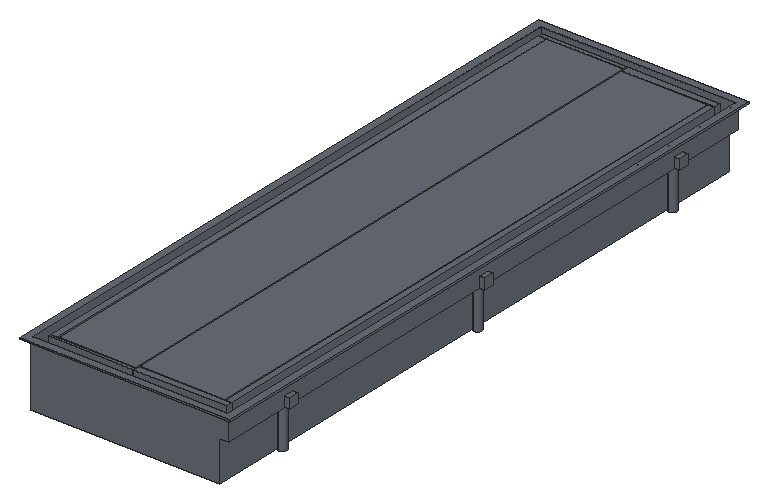
Revit family
Parameters (values of type "PL07 06 6/0")
  Width Inner Side Support = Actual Width 1 - Frame Offset + 13 mm  # 157 mm
  Width Inner Side = Actual Width 1 - Frame Offset  # 144 mm
  Width Inner Main = Actual Width - Frame Offset + 37 mm  # 168 mm
  Width Side = 168 mm
  Width = 155 mm
  URL = "http://www.meinertz.com/pictures_org/prodk.pdf"
  Thermal Performance = Thermal Performance Constant * Length / 1000 mm  # 262
  Thermal Performance Index = 6
  Side Grill Length = Actual Length - (2 * Frame Offset) - 22 mm  # 930 mm
  Right Tap Visible = Count Grill Main > 3  # yes
  Assembly Code = ""
  Actual Width 1 = (Count Grill Side * 24 mm) + Frame Offset  # 168 mm
  Actual Width = (Count Grill Main - 1) * 24 mm + Frame Offset + 11 mm  # 155 mm
  Actual Length = if(Length < 4 * Frame Offset, 4 * Frame Offset, if(Length > 6000 mm, 6000 mm, Length))  # 1000 mm
  Model = "PL07 06 6/0"
  Manufacturer = "Meinertz"  # constant formula
  Length = 1000 mm
  Keynote = "PL07 06 6/0"
  Grill = RAL 7025 F
  GoGetNo = 6942  # constant formula
  Frame Offset = 24 mm  # constant formula
  Frame = RAL 7024
  Depth = -100 mm
  Count Side Support = (Actual Length - (2 * Frame Offset) - 200 mm) / 600 mm + 1.49  # 3
  Count Grill Side = ((Width Side - Frame Offset) / 24 mm)  # 6
  Count Grill Main = (Width - Frame Offset - 11 mm) / 24 mm + 1  # 6
  Count Convec Support = (Actual Length - (2 * Frame Offset) - 300 mm) / 2500 mm + 1.49  # 2
  Convection Grill Length = Actual Length - (2 * Frame Offset) - 11 mm  # 941 mm
  Thermal Performance Constant = if(Thermal Performance Index = 3, 145, if(Thermal Performance Index = 4, 191, if(Thermal Performance Index = 5, 231, if(Thermal Performance Index = 6, 262, if(Thermal Performance Index = 7, 287, if(Thermal Performance Index = 8, 317, if(Thermal Performance Index = 9, 339, if(Thermal Performance Index = 10, 359, if(Thermal Performance Index = 11, 382, if(Thermal Performance Index = 12, 404, if(Thermal Performance Index = 13, 424, 444)))))))))))  # 262
Types (5, lengths in mm): name | Width Inner Side Support | Width Inner Side | Width Inner Main | Width Side | Width | Thermal Performance | Thermal Performance Index | Right Tap Visible | Actual Width 1 | Actual Width | Model | Keynote | Count Grill Side | Count Grill Main | Thermal Performance Constant
  PL07 03 5/0 | 133 | 120 | 96 | 144 | 83 | 145 | 3 | no | 144 | 83 | "PL07 03 5/0" | "PL07 03 5/0" | 5 | 3 | 145
  PL07 04 5/0 | 133 | 120 | 120 | 144 | 107 | 191 | 4 | yes | 144 | 107 | "PL07 04 5/0" | "PL07 04 5/0" | 5 | 4 | 191
  PL07 05 5/0 | 133 | 120 | 144 | 144 | 131 | 231 | 5 | yes | 144 | 131 | "PL07 05 5/0" | "PL07 05 5/0" | 5 | 5 | 231
  PL07 06 6/0 | 157 | 144 | 168 | 168 | 155 | 262 | 6 | yes | 168 | 155 | "PL07 06 6/0" | "PL07 06 6/0" | 6 | 6 | 262
  PL07 07 7/0 | 181 | 168 | 192 | 192 | 179 | 287 | 7 | yes | 192 | 179 | "PL07 07 7/0" | "PL07 07 7/0" | 7 | 7 | 287
Reference planes
  plane 1 "Center (Front/Back)": y = -252.69
  plane 2: z = 0
  plane 3 "Center (Left/Right)": x = 0
  plane 4: y = 247.31
  plane 5: y = -752.69
  plane 6: x = 77.5
  plane 7: x = -77.5
  plane 8: x = 245.5
  plane 9: y = 223.31
  plane 10: y = -939.69
  plane 11: x = -53.5
  plane 12: x = 221.5
  plane 13: y = 212.31
  plane 14: y = -928.69
  plane 15: x = 90.5
  plane 16: y = 217.81
  plane 17: y = 247.31
  plane 18: y = -723.19
  plane 19: y = -717.69
  plane 20: y = 123.31
  plane 21: y = 73.31
  plane 22: y = -728.69
  plane 23: y = -628.69
  plane 24: y = -578.69
  plane 25: z = -70
  plane 26: z = -72
  plane 27: y = 83.31
  plane 28: y = 63.31
  plane 29: y = -568.69
  plane 30: y = -588.69
  plane 31: z = -100
  plane 32: x = 90.5
  plane 33: y = 236.31
  plane 34: y = -741.69
  plane 35: z = -100
  plane 36: z = -98
  plane 37: x = 210.5
  plane 38: x = -42.5
  plane 39: x = 125.5
  plane 40: y = 131.31
  plane 41: y = 115.31
  plane 42: y = -620.69
  plane 43: y = -636.69
  plane 44: z = -20
  plane 45: z = -36
  plane 46: x = -42.5
  plane 47: x = 210.5
  plane 48: x = -66.5
  plane 49 "Tap Center": z = -55
  plane 50: y = -26.69
  plane 51: y = -478.69
  plane 52: y = -126.69
  plane 53: y = -378.69
  plane 54: x = -23.5
  plane 55: x = 47.5
Forms (mm)
  Extrusion 1, void
    sketch origin (0, 0, 0) x (1, 0, 0) y (0, 1, 0)
      loop
        line (-77.5, 247.31) -> (-77.5, -752.69) -> (245.5, -752.69) -> (245.5, 247.31) -> (-77.5, 247.31)
    from 0 to -100 <- "Depth"
  Extrusion 2, solid, material "RAL 7024" <- "Frame"
    sketch origin (0, -252.69, 0) x (1, 0, 0) y (0, 0, 1)
      loop
        line (245.5, 0) -> (234.5, 0) -> (234.5, -36) -> (220.5, -36) -> (220.5, -100) -> (222.5, -100) -> (222.5, -38) -> (236.5, -38) -> (236.5, -2) -> (245.5, -2) -> (245.5, 0)
    from -489 to 489
  Extrusion 3, solid, material "RAL 7024" <- "Frame"
    sketch origin (0, 0, 0) x (0, 1, 0) y (0, 0, 1)
      loop
        line (-728.69, 0) -> (-728.69, -70) -> (-717.69, -70) -> (-717.69, -20) -> (-723.19, -20) -> (-723.19, 0) -> (-728.69, 0)
      loop
        line (223.31, 0) -> (217.81, 0) -> (217.81, -20) -> (212.31, -20) -> (212.31, -70) -> (223.31, -70) -> (223.31, 0)
    from -53.5 to 77.5
  Sweep 4, solid, material "RAL 7024" <- "Frame"
    path origin (0, 0, 0) x (1, 0, 0) y (0, 1, 0)
      loop
        line (245.5, 247.31) -> (-77.5, 247.31) -> (-77.5, -752.69) -> (245.5, -752.69)
    profile origin (84, 247.31, 0) x (0, -1, 0) y (0, 0, 1)
      loop
        line (0, 0) -> (0, -2) -> (9, -2) -> (9, -100) -> (11, -100) -> (11, 0) -> (0, 0)
  Extrusion 5, void
    sketch origin (245.5, 236.31, 0) x (1, 0, 0) y (0, 0, -1)
      loop
        line (-9, 2) -> (0, 2) -> (0, 100) -> (-23, 100) -> (-23, 38) -> (-9, 38) -> (-9, 2)
    from -989 to 11
  Extrusion 6, solid, material "RAL 7024" <- "Frame"
    sketch origin (0, 0, 0) x (1, 0, 0) y (0, 1, 0)
      loop
        line (-66.5, 236.31) -> (-66.5, -741.69) -> (220.5, -741.69) -> (220.5, 236.31) -> (-66.5, 236.31)
    from -100 to -98
  Extrusion 7, solid, material "RAL 7024" <- "Frame"
    sketch origin (0, 0, 0) x (1, 0, 0) y (0, 1, 0)
      loop
        line (210.5, 212.31) -> (210.5, -717.69) -> (221.5, -717.69) -> (221.5, 212.31) -> (210.5, 212.31)
    from 0 to -20
  Extrusion 8, solid, material "RAL 7024" <- "Frame"
    sketch origin (0, 0, 0) x (1, 0, 0) y (0, 1, 0)
      loop
        line (-53.5, 217.81) -> (-53.5, -723.19) -> (-42.5, -723.19) -> (-42.5, 217.81) -> (-53.5, 217.81)
    from 0 to -70
  Extrusion 9, solid, material "RAL 7025 F" <- "Grill"
    sketch origin (0, 0, 0) x (1, 0, 0) y (0, 1, 0)
      loop
        line (-42.5, 217.81) -> (-42.5, -723.19) -> (77.5, -723.19) -> (77.5, 217.81) -> (-42.5, 217.81)
    from 0 to -70
  Extrusion 10, solid, material "RAL 7025 F" <- "Grill"
    sketch origin (0, 0, 0) x (1, 0, 0) y (0, 1, 0)
      loop
        line (77.5, 212.31) -> (77.5, -717.69) -> (210.5, -717.69) -> (210.5, 212.31) -> (77.5, 212.31)
    from 0 to -20
  Extrusion 11, solid, material "RAL 7024" <- "Frame"
    sketch origin (0, 0, 0) x (1, 0, 0) y (0, 1, 0)
      loop
        line (77.5, 223.31) -> (77.5, 212.31) -> (221.5, 212.31) -> (221.5, 223.31) -> (77.5, 223.31)
      loop
        line (77.5, -728.69) -> (221.5, -728.69) -> (221.5, -717.69) -> (77.5, -717.69) -> (77.5, -728.69)
    from 0 to -20
  Extrusion 12, solid, material "Tap"
    sketch origin (0, -728.69, -70) x (0, 0, 1) y (-1, 0, 0)
      loop
        circle (15, 23.5) r 4.8
    from 0 to 5
  Extrusion 13, solid, material "Tap", visible <- "Right Tap Visible"
    sketch origin (0, -728.69, -70) x (0, 0, 1) y (-1, 0, 0)
      loop
        circle (15, -47.5) r 4.8
    from 0 to 5
  Extrusion 14, solid, material "Tap"
    sketch origin (0, 223.31, -70) x (0, 0, 1) y (1, 0, 0)
      loop
        circle (15, 47.5) r 4.8
    from 0 to 5
  Extrusion 15, solid, material "Tap", visible <- "Right Tap Visible"
    sketch origin (0, 223.31, -70) x (0, 0, 1) y (1, 0, 0)
      loop
        circle (15, -23.5) r 4.8
    from 0 to 5
  Extrusion 16, solid, material "Tap"
    sketch origin (-53.5, -723.19, 0) x (0, 1, 0) y (0, 0, 1)
      loop
        circle (696.5, -55) r 4.8
      loop
        circle (596.5, -55) r 4.8
      loop
        circle (344.5, -55) r 4.8
      loop
        circle (244.5, -55) r 4.8
    from 0 to -5
  Extrusion 17, solid, material "Tap"
    sketch origin (77.5, 217.81, 0) x (0, -1, 0) y (0, 0, -1)
      loop
        circle (344.5, 55) r 4.8
      loop
        circle (244.5, 55) r 4.8
    from 0 to 5
  Extrusion 18, solid, material "Tap"
    sketch origin (77.5, 217.81, 0) x (0, -1, 0) y (0, 0, -1)
      loop
        circle (696.5, 55) r 4.8
      loop
        circle (596.5, 55) r 4.8
    from 0 to 5
Cuts and joins
  Extrusion 5 cuts Extrusion 2
  Extrusion 5 cuts Sweep 4
  joined: Extrusion 2, Sweep 4, Extrusion 6
Lines and regions (mm)
  Masking region 1
    outline origin (0, 0, 0) x (1, 0, 0) y (0, 1, 0)
      loop
        line (-53.5, 217.81) -> (-53.5, -723.19) -> (77.5, -723.19) -> (77.5, 217.81) -> (-53.5, 217.81)
  Masking region 2
    outline origin (0, 0, 0) x (1, 0, 0) y (0, 1, 0)
      loop
        line (77.5, 212.31) -> (77.5, -717.69) -> (221.5, -717.69) -> (221.5, 212.31) -> (77.5, 212.31)
Dimensions and locks
  "Actual Width": plane 7 to plane 6
  "Length": plane 4 to plane 5
  equal spacing: plane 4, plane 1 "Center (Front/Back)", plane 5
  equal spacing: plane 7, plane 3 "Center (Left/Right)", plane 6
  "Actual Width 1": plane 6 to plane 8
  locked: plane 6 to plane 15 at 13
  "Frame Offset": plane 7 to plane 11
  "Frame Offset": plane 12 to plane 8
  locked: plane 9 to plane 16 at 5.5
  "Frame Offset": plane 17 to plane 9
  locked: plane 16 to plane 13 at 5.5
  locked: plane 9 to plane 20 at 100
  locked: plane 20 to plane 21 at 50
  "Frame Offset": plane 22 to plane 5
  plane 24 to plane 23 to plane 22 = 50 mm locked, 100 mm locked
  plane 2 to plane 25 to plane 26 = 70 mm locked, 2 mm locked
  plane 27 to plane 21 to plane 28 = 10 mm locked, 10 mm locked
  plane 29 to plane 24 to plane 30 = 10 mm locked, 10 mm locked
  locked: plane 19 to plane 22 at 11
  locked: plane 18 to plane 22 at 5.5
  level to plane 31 = 100 mm
  profile plane to Sweep 4 sketch curve to Sweep 4 sketch curve = 9 mm locked, 2 mm locked
  plane 8 to Extrusion 5 sketch curve to Extrusion 5 sketch curve = 9 mm locked, 14 mm locked
  plane 2 to Extrusion 5 sketch curve to Extrusion 5 sketch curve = 2 mm locked, 98 mm locked
  Extrusion 2 sketch curve to Extrusion 2 sketch curve to Extrusion 2 sketch curve to Extrusion 2 sketch curve to Extrusion 2 sketch curve = 2 mm locked, 34 mm locked, 2 mm locked, 62 mm locked
  Extrusion 2 sketch curve to Extrusion 2 sketch curve to Extrusion 2 sketch curve to Extrusion 2 sketch curve to Extrusion 2 sketch curve = 2 mm locked, 12 mm locked, 2 mm locked, 9 mm locked
  locked: plane 6 to plane 32 at 13
  locked: plane 4 to plane 33 at 11
  locked: plane 34 to plane 5 at 11
  locked: plane 2 to plane 35 at 100
  locked: plane 36 to plane 35 at 2
  locked: plane 11 to plane 38 at 11
  locked: plane 37 to plane 12 at 11
  locked: plane 6 to plane 39 at 48
  plane 42 to plane 23 to plane 43 = 8 mm locked, 8 mm locked
  plane 40 to plane 20 to plane 41 = 8 mm locked, 8 mm locked
  locked: plane 2 to plane 44 at 20
  locked: plane 45 to plane 44 at 16
  locked: plane 11 to plane 46 at 11
  locked: plane 47 to plane 12 at 11
  equal spacing: group 1, group 3, group 2  (x2)
  equal spacing: group 2, group 3, group 1
  group 5 to group 4 = 0 mm
  group 5 to group 4 = 652 mm
  group 4 to group 5 = 0 mm
  locked: plane 7 to plane 48 at 11
  plane 9 to plane 50 to plane 52 = 250 mm locked, 100 mm locked
  plane 53 to plane 51 to plane 22 = 100 mm locked, 250 mm locked
  aligned and locked: plane 4 to plane 17
  aligned and locked: Extrusion 3 to plane 11
  aligned and locked: plane 25 to Extrusion 3 sketch curve  (x2)
  aligned and locked: plane 8 to Extrusion 5 sketch curve
  aligned and locked: plane 2 to Extrusion 2 sketch curve
  aligned and locked: Extrusion 2 sketch curve to plane 8
  aligned and locked: plane 6 to Extrusion 3
  aligned and locked: plane 4 to Sweep 4 sketch curve
  aligned and locked: plane 8 to Sweep 4 sketch curve  (x2)
  aligned and locked: plane 4 to Extrusion 5
  aligned and locked: Extrusion 5 to plane 5
  aligned and locked: plane 33 to cut or joined group of Extrusion 2, Sweep 4, Extrusion 5, Extrusion 6
  aligned and locked: cut or joined group of Extrusion 2, Sweep 4, Extrusion 5, Extrusion 6 to plane 34
  aligned and locked: cut or joined group of Extrusion 2, Sweep 4, Extrusion 5, Extrusion 6 to Extrusion 6 sketch curve
  aligned and locked: Extrusion 6 sketch curve to cut or joined group of Extrusion 2, Sweep 4, Extrusion 5, Extrusion 6  (x3)
  aligned and locked: cut or joined group of Extrusion 2, Sweep 4, Extrusion 5, Extrusion 6 to Extrusion 6
  aligned and locked: Extrusion 6 to plane 36
  aligned and locked: plane 37 to Extrusion 7 sketch curve
  aligned and locked: Extrusion 7 sketch curve to plane 13
  aligned and locked: plane 19 to Extrusion 7 sketch curve
  aligned and locked: Extrusion 8 sketch curve to Extrusion 3  (x2)
  aligned and locked: Extrusion 3 to Extrusion 8 sketch curve
  aligned and locked: Extrusion 8 sketch curve to plane 38
  aligned and locked: Extrusion 8 to Extrusion 9 sketch curve
  aligned and locked: Extrusion 9 sketch curve to Extrusion 8
  aligned and locked: Extrusion 9 sketch curve to Extrusion 3
  aligned and locked: Extrusion 10 sketch curve to Extrusion 7  (x2)
  aligned and locked: Extrusion 3 to Extrusion 11 sketch curve  (x3)
  aligned and locked: Extrusion 11 sketch curve to Extrusion 7  (x3)
  aligned and locked: Extrusion 11 sketch curve to Extrusion 3
  aligned and locked: Extrusion 7 to Extrusion 11 sketch curve
  aligned and locked: plane 16 to nested 1
  aligned and locked: plane 18 to nested 1
  aligned and locked: plane 6 to nested 1
  aligned and locked: plane 6 to nested 2
  aligned and locked: plane 13 to nested 2
  aligned and locked: nested 2 to plane 19
  aligned and locked: plane 21 to nested 4
  aligned and locked: nested 3 to plane 45
  aligned and locked: plane 26 to nested 4
  aligned and locked: plane 23 to nested 5
  aligned and locked: plane 24 to nested 7
  aligned and locked: plane 11 to nested 1
  aligned and locked: plane 12 to nested 2
  aligned and locked: plane 20 to nested 3
  aligned and locked: Masking region 1 sketch curve to Extrusion 8
  aligned and locked: Masking region 1 sketch curve to Extrusion 3  (x2)
  aligned and locked: Masking region 1 sketch curve to Extrusion 9
  aligned and locked: Masking region 2 sketch curve to Extrusion 10
  aligned and locked: Masking region 2 sketch curve to Extrusion 11  (x2)
  aligned and locked: Masking region 2 sketch curve to Extrusion 7
  aligned and locked: nested 3 to plane 6
  aligned and locked: nested 5 to plane 6
  aligned and locked: nested 4 to plane 11
  aligned and locked: nested 7 to plane 11
Automatic sketch dimensions
  Extrusion 1 sketch curve to plane 5 = 0 mm
  Extrusion 1 sketch curve to plane 7 = 0 mm
  Extrusion 1 sketch curve to plane 8 = 0 mm
  Extrusion 1 sketch curve to plane 4 = 0 mm
  Extrusion 3 sketch curve to level = 0 mm  (x2)
  Extrusion 3 sketch curve to plane 22 = 0 mm
  Extrusion 3 sketch curve to level = 20 mm  (x2)
  Sweep 4 sketch curve to profile plane = 0 mm
  Sweep 4 sketch curve to level = 0 mm
  Sweep 4 sketch curve to level = 2 mm
  Sweep 4 sketch curve to Sweep 4 sketch curve = 98 mm
  Extrusion 5 sketch curve to Extrusion 5 sketch curve = 36 mm
  Sweep 4 sketch curve to plane 7 = 0 mm
  Sweep 4 sketch curve to plane 5 = 0 mm
  Extrusion 3 sketch curve to plane 18 = 0 mm
  Extrusion 3 sketch curve to plane 16 = 0 mm
  Extrusion 3 sketch curve to plane 19 = 0 mm
  Extrusion 3 sketch curve to plane 13 = 0 mm
  Extrusion 3 sketch curve to plane 9 = 0 mm
  Extrusion 7 sketch curve to plane 12 = 0 mm
  Extrusion 9 sketch curve to plane 18 = 0 mm
  Extrusion 10 sketch curve to plane 6 = 0 mm
  Extrusion 10 sketch curve to plane 13 = 0 mm
  Extrusion 12 sketch curve to Extrusion 3 = 15 mm
  Extrusion 3 to Extrusion 12 sketch curve = 30 mm
  Extrusion 13 sketch curve to Extrusion 3 = 15 mm
  Extrusion 3 to Extrusion 13 sketch curve = 30 mm
  Extrusion 3 to Extrusion 14 sketch curve = 15 mm
  Extrusion 3 to Extrusion 14 sketch curve = 30 mm
  Extrusion 3 to Extrusion 15 sketch curve = 15 mm
  Extrusion 3 to Extrusion 15 sketch curve = 30 mm
  Extrusion 16 sketch curve to plane 49 "Tap Center" = 0 mm  (x4)
  Extrusion 16 sketch curve to plane 51 = 0 mm
  Extrusion 16 sketch curve to plane 53 = 0 mm
  Extrusion 16 sketch curve to plane 52 = 0 mm
  Extrusion 16 sketch curve to plane 50 = 0 mm
  Extrusion 9 to Extrusion 17 sketch curve = 15 mm  (x2)
  Extrusion 9 to Extrusion 17 sketch curve = 244.5 mm
  Extrusion 17 sketch curve to Extrusion 17 sketch curve = 100 mm
  Extrusion 9 to Extrusion 18 sketch curve = 15 mm  (x2)
  Extrusion 9 to Extrusion 18 sketch curve = 344.5 mm
  Extrusion 18 sketch curve to Extrusion 18 sketch curve = 100 mm
  radius of Extrusion 12 sketch curve = 4.8 mm
  radius of Extrusion 13 sketch curve = 4.8 mm
  radius of Extrusion 14 sketch curve = 4.8 mm
  radius of Extrusion 15 sketch curve = 4.8 mm
  radius of Extrusion 16 sketch curve = 4.8 mm  (x4)
  radius of Extrusion 17 sketch curve = 4.8 mm  (x2)
  radius of Extrusion 18 sketch curve = 4.8 mm  (x2)
Nested families
  nested 1: "Grill" at (-53.5, -723.19, 0), type "Grill"
    with Width 941 mm, Start 11 mm, Second 13 mm, Length 131 mm, Big no
  nested 2: "Grill" at (77.5, -717.69, 0), type "Grill"
    with Width 930 mm, Start 13 mm, Second 11 mm, Length 144 mm, Big yes
  nested 3: "Support" at (147.579, 129.78, -36) x (0, 1, 0) z (0, 0, 1), type "Side Support"
  nested 4: "Support" at (28.579, 79.78, -72) x (0, 1, 0) z (0, 0, 1), type "Convec Support"
  nested 5: "Support" at (147.579, -622.22, -36) x (0, 1, 0) z (0, 0, 1), type "Side Support"
  nested 6: "Support" at (147.579, -246.22, -36) x (0, 1, 0) z (0, 0, 1), type "Side Support"
  nested 7: "Support" at (28.579, -572.22, -72) x (0, 1, 0) z (0, 0, 1), type "Convec Support"
Connectors
  piping at (-23.5, -733.69, -55)
    settings: on Extrusion 12, index 1, connector radius 4.8 mm, flow factor 0, pipe flow 0.0 L/s, pressure drop 0.0 Pa, fitting loss kfactor 0, connector angle 0.00°, fixture units 0, flow configuration 1, flow direction 1, fitting loss method 0, system type 22, connector reference index -1, connector utility 0, adjustable connector no, is connector primary yes, fitting loss table "", connector description "F"
  piping at (47.5, -733.69, -55)
    settings: on Extrusion 13, index 2, connector radius 4.8 mm, flow factor 0, pipe flow 0.0 L/s, pressure drop 0.0 Pa, fitting loss kfactor 0, connector angle 0.00°, fixture units 0, flow configuration 1, flow direction 2, fitting loss method 0, system type 22, connector reference index -1, connector utility 0, adjustable connector no, is connector primary no, fitting loss table "", connector description "F"
  piping at (47.5, 228.31, -55)
    settings: on Extrusion 14, index 3, connector radius 4.8 mm, flow factor 0, pipe flow 0.0 L/s, pressure drop 0.0 Pa, fitting loss kfactor 0, connector angle 0.00°, fixture units 0, flow configuration 1, flow direction 1, fitting loss method 0, system type 22, connector reference index -1, connector utility 0, adjustable connector no, is connector primary no, fitting loss table "", connector description "E"
  piping at (-23.5, 228.31, -55)
    settings: on Extrusion 15, index 4, connector radius 4.8 mm, flow factor 0, pipe flow 0.0 L/s, pressure drop 0.0 Pa, fitting loss kfactor 0, connector angle 0.00°, fixture units 0, flow configuration 1, flow direction 2, fitting loss method 0, system type 22, connector reference index -1, connector utility 0, adjustable connector no, is connector primary no, fitting loss table "", connector description "E"
  piping at (-58.5, -26.69, -55)
    settings: on Extrusion 16, index 5, connector radius 4.8 mm, flow factor 0, pipe flow 0.0 L/s, pressure drop 0.0 Pa, fitting loss kfactor 0, connector angle 0.00°, fixture units 0, flow configuration 1, flow direction 1, fitting loss method 0, system type 22, connector reference index -1, connector utility 0, adjustable connector no, is connector primary no, fitting loss table "", connector description "A"
  piping at (-58.5, -126.69, -55)
    settings: on Extrusion 16, index 6, connector radius 4.8 mm, flow factor 0, pipe flow 0.0 L/s, pressure drop 0.0 Pa, fitting loss kfactor 0, connector angle 0.00°, fixture units 0, flow configuration 1, flow direction 2, fitting loss method 0, system type 22, connector reference index -1, connector utility 0, adjustable connector no, is connector primary no, fitting loss table "", connector description "A"
  piping at (-58.5, -378.69, -55)
    settings: on Extrusion 16, index 7, connector radius 4.8 mm, flow factor 0, pipe flow 0.0 L/s, pressure drop 0.0 Pa, fitting loss kfactor 0, connector angle 0.00°, fixture units 0, flow configuration 1, flow direction 1, fitting loss method 0, system type 22, connector reference index -1, connector utility 0, adjustable connector no, is connector primary no, fitting loss table "", connector description "D"
  piping at (-58.5, -478.69, -55)
    settings: on Extrusion 16, index 8, connector radius 4.8 mm, flow factor 0, pipe flow 0.0 L/s, pressure drop 0.0 Pa, fitting loss kfactor 0, connector angle 0.00°, fixture units 0, flow configuration 1, flow direction 2, fitting loss method 0, system type 22, connector reference index -1, connector utility 0, adjustable connector no, is connector primary no, fitting loss table "", connector description "D"
  piping at (82.5, -26.69, -55)
    settings: on Extrusion 17, index 9, connector radius 4.8 mm, flow factor 0, pipe flow 0.0 L/s, pressure drop 0.0 Pa, fitting loss kfactor 0, connector angle 0.00°, fixture units 0, flow configuration 1, flow direction 2, fitting loss method 0, system type 22, connector reference index -1, connector utility 0, adjustable connector no, is connector primary no, fitting loss table "", connector description "B"
  piping at (82.5, -126.69, -55)
    settings: on Extrusion 17, index 10, connector radius 4.8 mm, flow factor 0, pipe flow 0.0 L/s, pressure drop 0.0 Pa, fitting loss kfactor 0, connector angle 0.00°, fixture units 0, flow configuration 1, flow direction 1, fitting loss method 0, system type 22, connector reference index -1, connector utility 0, adjustable connector no, is connector primary no, fitting loss table "", connector description "B"
  piping at (82.5, -378.69, -55)
    settings: on Extrusion 18, index 11, connector radius 4.8 mm, flow factor 0, pipe flow 0.0 L/s, pressure drop 0.0 Pa, fitting loss kfactor 0, connector angle 0.00°, fixture units 0, flow configuration 1, flow direction 2, fitting loss method 0, system type 22, connector reference index -1, connector utility 0, adjustable connector no, is connector primary no, fitting loss table "", connector description "C"
  piping at (82.5, -478.69, -55)
    settings: on Extrusion 18, index 12, connector radius 4.8 mm, flow factor 0, pipe flow 0.0 L/s, pressure drop 0.0 Pa, fitting loss kfactor 0, connector angle 0.00°, fixture units 0, flow configuration 1, flow direction 1, fitting loss method 0, system type 22, connector reference index -1, connector utility 0, adjustable connector no, is connector primary no, fitting loss table "", connector description "C"
Definition of nested family "Support"
  Parameters (values of type "Side Support")
    offset top = 17.5 mm
    Width = 16 mm
    Side 2 = yes
    Side 1 = no
    Length = 168 mm
    Height = 16 mm
    Frame = RAL 7024
    Footing rad = 6.5 mm
    Footing Height = 64 mm
    Assembly Code = ""
  Types (2, lengths in mm): name | Width | Side 1 | Length | Height | Footing Height
    Side Support | 16 | no | 168 | 16 | 64
    Convec Support | 20 | yes | 192 | 2 | 28
  Reference planes
    plane 1 "Center (Front/Back)": y = -13.921
    plane 2: z = 0
    plane 3 "Center (Left/Right)": x = -6.469
    plane 4: z = 16
    plane 5: x = 1.531
    plane 6: x = -14.469
    plane 7: y = 70.079
    plane 8: y = -97.921
    plane 9: y = 52.579
    plane 10: y = -80.421
    plane 11: z = -64
  Forms (mm)
    Extrusion 1, solid, material "RAL 7024" <- "Frame"
      sketch origin (0, -13.921, 0) x (1, 0, 0) y (0, 0, 1)
        loop
          line (-14.469, 16) -> (-14.469, 0) -> (1.531, 0) -> (1.531, 16) -> (-14.469, 16)
      from -84 to 84
    Extrusion 2, solid, material "RAL 7024" <- "Frame", visible <- "Side 1"
      sketch origin (0, 0, 0) x (1, 0, 0) y (0, 1, 0)
        loop
          circle (-6.469, 52.579) r 6.5
      from -64 to 0
    Extrusion 3, solid, material "RAL 7024" <- "Frame", visible <- "Side 2"
      sketch origin (0, 0, 0) x (1, 0, 0) y (0, 1, 0)
        loop
          circle (-6.469, -80.421) r 6.5
      from -64 to 0
  Dimensions and locks
    equal spacing: plane 6, plane 3 "Center (Left/Right)", plane 5
    equal spacing: plane 7, plane 1 "Center (Front/Back)", plane 8
    "Length": plane 7 to plane 8
    "Width": plane 6 to plane 5
    "Height": plane 4 to plane 2
    "offset top": plane 7 to plane 9
    "offset top": plane 10 to plane 8
    "Footing Height": plane 2 to plane 11
    "Footing rad": Extrusion 2 sketch curve to plane 3 "Center (Left/Right)"
    "Footing rad": plane 9 to Extrusion 2 sketch curve
    locked: plane 10 to Extrusion 3 sketch curve at 6.5
    locked: plane 3 "Center (Left/Right)" to Extrusion 3 sketch curve at 6.5
    "Footing rad": radius of Extrusion 2 sketch curve
    "Footing rad": radius of Extrusion 3 sketch curve
    aligned and locked: plane 6 to Extrusion 1 sketch curve
    aligned and locked: Extrusion 1 sketch curve to plane 4
    aligned and locked: level to Extrusion 1 sketch curve
    aligned and locked: Extrusion 1 sketch curve to plane 5
    aligned and locked: plane 7 to Extrusion 1
    aligned and locked: Extrusion 1 to plane 8
    aligned and locked: Extrusion 2 to plane 11
    aligned and locked: plane 2 to Extrusion 2
    aligned and locked: Extrusion 3 to plane 11
    aligned and locked: level to Extrusion 3
Definition of nested family "Grill"
  Parameters (values of type "Grill")
    Width [instance] = 208.6 mm
    Start [instance] = if(Big, 13 mm, 11 mm)  # 11 mm
    Second [instance] = if(Big, 11 mm, 13 mm)  # 13 mm
    Length [instance] = 900 mm
    Big [instance] = no
    Assembly Code = ""
  Reference planes
    plane 1 "Center (Front/Back)": y = 0
    plane 2: z = 0
    plane 3 "Center (Left/Right)": x = 0
    plane 4: y = 208.6
    plane 5: x = 900
  Lines and regions (mm)
    Filled region 1, type "Base", in view "Ref. Level"
      outline origin (0, 0, 0) x (1, 0, 0) y (0, 1, 0)
        loop
          line (0, 208.6) -> (0, 0) -> (900, 0) -> (900, 208.6) -> (0, 208.6)
    Filled region 2, type "Top", in view "Ref. Level"
      outline origin (45.053, 31.547, 0) x (1, 0, 0) y (0, 1, 0)
        loop
          line (-45.053, 177.053) -> (-45.053, -31.547) -> (854.947, -31.547) -> (854.947, 177.053) -> (-45.053, 177.053)
  Dimensions and locks
    "Width": plane 4 to plane 1 "Center (Front/Back)"
    "Length": plane 3 "Center (Left/Right)" to plane 5
    "Start": plane 3 "Center (Left/Right)" to Filled region 2
    "Second": Filled region 2 to Filled region 1
    aligned and locked: plane 4 to Filled region 2
    aligned and locked: plane 1 "Center (Front/Back)" to Filled region 2
    aligned and locked: plane 5 to Filled region 2
    aligned and locked: Filled region 1 to plane 3 "Center (Left/Right)"
    aligned and locked: plane 3 "Center (Left/Right)" to Filled region 2 sketch curve
  Automatic sketch dimensions
    Filled region 1 sketch curve to plane 1 "Center (Front/Back)" = 0 mm
    Filled region 1 sketch curve to plane 3 "Center (Left/Right)" = 0 mm
    Filled region 1 sketch curve to plane 5 = 0 mm
    Filled region 1 sketch curve to plane 4 = 0 mm
    Filled region 2 sketch curve to plane 1 "Center (Front/Back)" = 0 mm
    Filled region 2 sketch curve to plane 5 = 0 mm
    Filled region 2 sketch curve to plane 4 = 0 mm
